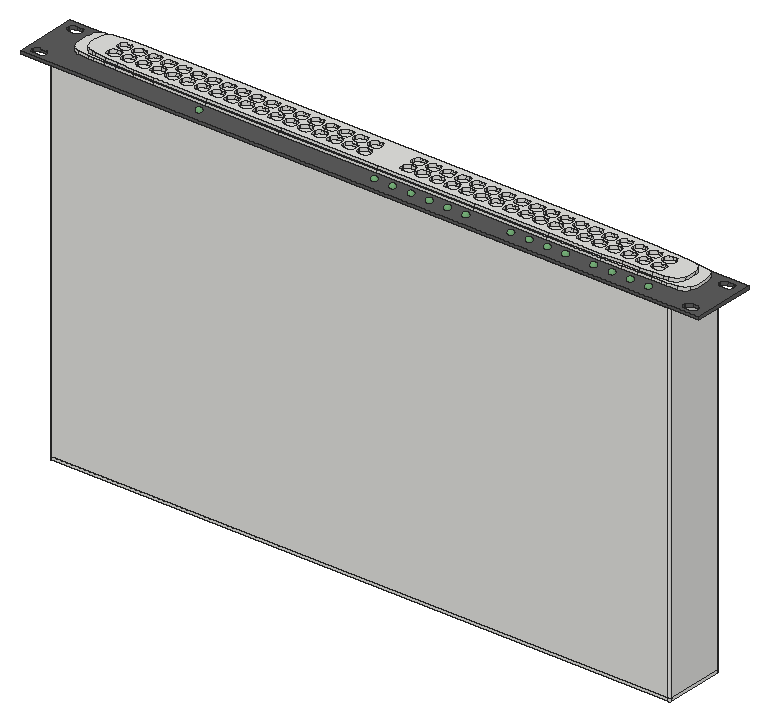
Revit family "Electronics_Expansion-Inputs_Biamp_Vocia_Input-Device_VI-6__", category Communication Devices, host Face, Revit 2020 (continued)
Definition of nested family "VI-6"
  Forms (in)
    Extrusion 14, solid, material <- "Material 1", detail levels medium+fine
      sketch origin (-0.00359, -0.15748, 0) x (1, 0, 0) y (0, 0, 1)
        loop
          arc (-5.95708, 0.81278) -> (-5.85831, 0.8537) -> (-5.81739, 0.95247) r 0.13968
          line (-5.81739, 0.95247) -> (-5.81739, 0.99345)
          arc (-5.81739, 0.99345) -> (-5.85649, 1.08784) -> (-5.95088, 1.12693) r 0.13348
          line (-5.95088, 1.12693) -> (-6.04199, 1.12693)
        loop
          arc (-5.62915, 1.12693) -> (-5.72354, 1.08784) -> (-5.76263, 0.99345) r 0.13348
          line (-5.76263, 0.99345) -> (-5.76263, 0.95247)
          arc (-5.76263, 0.95247) -> (-5.72172, 0.8537) -> (-5.62295, 0.81278) r 0.13968
          line (-5.62295, 0.81278) -> (-5.54424, 0.81278)
          arc (-5.54424, 0.81278) -> (-5.44547, 0.8537) -> (-5.40456, 0.95247) r 0.13968
          line (-5.40456, 0.95247) -> (-5.40456, 0.99345)
          arc (-5.40456, 0.99345) -> (-5.44365, 1.08784) -> (-5.53804, 1.12693) r 0.13348
          line (-5.53804, 1.12693) -> (-5.62915, 1.12693)
        loop
          arc (-5.21631, 1.12693) -> (-5.31069, 1.08784) -> (-5.34979, 0.99345) r 0.13348
          line (-5.34979, 0.99345) -> (-5.34979, 0.95247)
          arc (-5.34979, 0.95247) -> (-5.30888, 0.8537) -> (-5.21011, 0.81278) r 0.13968
          line (-5.21011, 0.81278) -> (-5.1314, 0.81278)
          arc (-5.1314, 0.81278) -> (-5.03263, 0.8537) -> (-4.99172, 0.95247) r 0.13968
          line (-4.99172, 0.95247) -> (-4.99172, 0.99345)
          arc (-4.99172, 0.99345) -> (-5.03081, 1.08784) -> (-5.1252, 1.12693) r 0.13348
          line (-5.1252, 1.12693) -> (-5.21631, 1.12693)
        loop
          arc (-4.8, 1.12693) -> (-4.89439, 1.08784) -> (-4.93348, 0.99345) r 0.13348
          line (-4.93348, 0.99345) -> (-4.93348, 0.95247)
          arc (-4.93348, 0.95247) -> (-4.89257, 0.8537) -> (-4.7938, 0.81278) r 0.13968
          line (-4.7938, 0.81278) -> (-4.71509, 0.81278)
          arc (-4.71509, 0.81278) -> (-4.61632, 0.8537) -> (-4.57541, 0.95247) r 0.13968
          line (-4.57541, 0.95247) -> (-4.57541, 0.99345)
          arc (-4.57541, 0.99345) -> (-4.61451, 1.08784) -> (-4.70889, 1.12693) r 0.13348
          line (-4.70889, 1.12693) -> (-4.8, 1.12693)
        loop
          arc (-4.38717, 1.12693) -> (-4.48155, 1.08784) -> (-4.52065, 0.99345) r 0.13348
          line (-4.52065, 0.99345) -> (-4.52065, 0.95247)
          arc (-4.52065, 0.95247) -> (-4.47973, 0.8537) -> (-4.38096, 0.81278) r 0.13968
          line (-4.38096, 0.81278) -> (-4.30226, 0.81278)
          arc (-4.30226, 0.81278) -> (-4.20349, 0.8537) -> (-4.16257, 0.95247) r 0.13968
          line (-4.16257, 0.95247) -> (-4.16257, 0.99345)
          arc (-4.16257, 0.99345) -> (-4.20167, 1.08784) -> (-4.29606, 1.12693) r 0.13348
          line (-4.29606, 1.12693) -> (-4.38717, 1.12693)
        loop
          arc (-3.9778, 1.12693) -> (-4.07218, 1.08784) -> (-4.11128, 0.99345) r 0.13348
          line (-4.11128, 0.99345) -> (-4.11128, 0.95247)
          arc (-4.11128, 0.95247) -> (-4.07036, 0.8537) -> (-3.97159, 0.81278) r 0.13968
          line (-3.97159, 0.81278) -> (-3.89289, 0.81278)
          arc (-3.89289, 0.81278) -> (-3.79412, 0.8537) -> (-3.7532, 0.95247) r 0.13968
          line (-3.7532, 0.95247) -> (-3.7532, 0.99345)
          arc (-3.7532, 0.99345) -> (-3.7923, 1.08784) -> (-3.88669, 1.12693) r 0.13348
          line (-3.88669, 1.12693) -> (-3.9778, 1.12693)
        loop
          arc (-3.56495, 1.12693) -> (-3.65934, 1.08784) -> (-3.69843, 0.99345) r 0.13348
          line (-3.69843, 0.99345) -> (-3.69843, 0.95247)
          arc (-3.69843, 0.95247) -> (-3.65752, 0.8537) -> (-3.55875, 0.81278) r 0.13968
          line (-3.55875, 0.81278) -> (-3.48005, 0.81278)
          arc (-3.48005, 0.81278) -> (-3.38127, 0.8537) -> (-3.34036, 0.95247) r 0.13968
          line (-3.34036, 0.95247) -> (-3.34036, 0.99345)
          arc (-3.34036, 0.99345) -> (-3.37946, 1.08784) -> (-3.47384, 1.12693) r 0.13348
          line (-3.47384, 1.12693) -> (-3.56495, 1.12693)
        loop
          arc (-3.14865, 1.12693) -> (-3.24303, 1.08784) -> (-3.28213, 0.99345) r 0.13348
          line (-3.28213, 0.99345) -> (-3.28213, 0.95247)
          arc (-3.28213, 0.95247) -> (-3.24121, 0.8537) -> (-3.14244, 0.81278) r 0.13968
          line (-3.14244, 0.81278) -> (-3.06374, 0.81278)
          arc (-3.06374, 0.81278) -> (-2.96497, 0.8537) -> (-2.92405, 0.95247) r 0.13968
          line (-2.92405, 0.95247) -> (-2.92405, 0.99345)
          arc (-2.92405, 0.99345) -> (-2.96315, 1.08784) -> (-3.05754, 1.12693) r 0.13348
          line (-3.05754, 1.12693) -> (-3.14865, 1.12693)
        loop
          arc (-2.73581, 1.12693) -> (-2.8302, 1.08784) -> (-2.86929, 0.99345) r 0.13348
          line (-2.86929, 0.99345) -> (-2.86929, 0.95247)
          arc (-2.86929, 0.95247) -> (-2.82838, 0.8537) -> (-2.72961, 0.81278) r 0.13968
          line (-2.72961, 0.81278) -> (-2.6509, 0.81278)
          arc (-2.6509, 0.81278) -> (-2.55213, 0.8537) -> (-2.51122, 0.95247) r 0.13968
          line (-2.51122, 0.95247) -> (-2.51122, 0.99345)
          arc (-2.51122, 0.99345) -> (-2.55032, 1.08784) -> (-2.6447, 1.12693) r 0.13348
          line (-2.6447, 1.12693) -> (-2.73581, 1.12693)
        loop
          arc (-2.32625, 1.12693) -> (-2.42063, 1.08784) -> (-2.45973, 0.99345) r 0.13348
          line (-2.45973, 0.99345) -> (-2.45973, 0.95247)
          arc (-2.45973, 0.95247) -> (-2.41882, 0.8537) -> (-2.32004, 0.81278) r 0.13968
          line (-2.32004, 0.81278) -> (-2.24134, 0.81278)
          arc (-2.24134, 0.81278) -> (-2.14257, 0.8537) -> (-2.10165, 0.95247) r 0.13968
          line (-2.10165, 0.95247) -> (-2.10165, 0.99345)
          arc (-2.10165, 0.99345) -> (-2.14075, 1.08784) -> (-2.23514, 1.12693) r 0.13348
          line (-2.23514, 1.12693) -> (-2.32625, 1.12693)
        loop
          arc (-1.9136, 1.12693) -> (-2.00798, 1.08784) -> (-2.04708, 0.99345) r 0.13348
          line (-2.04708, 0.99345) -> (-2.04708, 0.95247)
          arc (-2.04708, 0.95247) -> (-2.00617, 0.8537) -> (-1.9074, 0.81278) r 0.13968
          line (-1.9074, 0.81278) -> (-1.82869, 0.81278)
          arc (-1.82869, 0.81278) -> (-1.72992, 0.8537) -> (-1.68901, 0.95247) r 0.13968
          line (-1.68901, 0.95247) -> (-1.68901, 0.99345)
          arc (-1.68901, 0.99345) -> (-1.7281, 1.08784) -> (-1.82249, 1.12693) r 0.13348
          line (-1.82249, 1.12693) -> (-1.9136, 1.12693)
        loop
          arc (-1.49729, 1.12693) -> (-1.59168, 1.08784) -> (-1.63077, 0.99345) r 0.13348
          line (-1.63077, 0.99345) -> (-1.63077, 0.95247)
          arc (-1.63077, 0.95247) -> (-1.58986, 0.8537) -> (-1.49109, 0.81278) r 0.13968
          line (-1.49109, 0.81278) -> (-1.41238, 0.81278)
          arc (-1.41238, 0.81278) -> (-1.31361, 0.8537) -> (-1.2727, 0.95247) r 0.13968
          line (-1.2727, 0.95247) -> (-1.2727, 0.99345)
          arc (-1.2727, 0.99345) -> (-1.3118, 1.08784) -> (-1.40618, 1.12693) r 0.13348
          line (-1.40618, 1.12693) -> (-1.49729, 1.12693)
        loop
          arc (-1.08445, 1.12693) -> (-1.17883, 1.08784) -> (-1.21793, 0.99345) r 0.13348
          line (-1.21793, 0.99345) -> (-1.21793, 0.95247)
          arc (-1.21793, 0.95247) -> (-1.17702, 0.8537) -> (-1.07825, 0.81278) r 0.13968
          line (-1.07825, 0.81278) -> (-0.99954, 0.81278)
          arc (-0.99954, 0.81278) -> (-0.90077, 0.8537) -> (-0.85986, 0.95247) r 0.13968
          line (-0.85986, 0.95247) -> (-0.85986, 0.99345)
          arc (-0.85986, 0.99345) -> (-0.89895, 1.08784) -> (-0.99334, 1.12693) r 0.13348
          line (-0.99334, 1.12693) -> (-1.08445, 1.12693)
        loop
          arc (-0.66814, 1.12693) -> (-0.76253, 1.08784) -> (-0.80162, 0.99345) r 0.13348
          line (-0.80162, 0.99345) -> (-0.80162, 0.95247)
          arc (-0.80162, 0.95247) -> (-0.76071, 0.8537) -> (-0.66194, 0.81278) r 0.13968
          line (-0.66194, 0.81278) -> (-0.58323, 0.81278)
          arc (-0.58323, 0.81278) -> (-0.48446, 0.8537) -> (-0.44355, 0.95247) r 0.13968
          line (-0.44355, 0.95247) -> (-0.44355, 0.99345)
          arc (-0.44355, 0.99345) -> (-0.48265, 1.08784) -> (-0.57703, 1.12693) r 0.13348
          line (-0.57703, 1.12693) -> (-0.66814, 1.12693)
        loop
          arc (0.55186, 1.12693) -> (0.45748, 1.08784) -> (0.41838, 0.99345) r 0.13348
          line (0.41838, 0.99345) -> (0.41838, 0.95247)
          arc (0.41838, 0.95247) -> (0.45929, 0.8537) -> (0.55807, 0.81278) r 0.13968
          line (0.55807, 0.81278) -> (0.63677, 0.81278)
          arc (0.63677, 0.81278) -> (0.73554, 0.8537) -> (0.77646, 0.95247) r 0.13968
          line (0.77646, 0.95247) -> (0.77646, 0.99345)
          arc (0.77646, 0.99345) -> (0.73736, 1.08784) -> (0.64297, 1.12693) r 0.13348
          line (0.64297, 1.12693) -> (0.55186, 1.12693)
        loop
          arc (0.95712, 1.12693) -> (0.86273, 1.08784) -> (0.82363, 0.99345) r 0.13348
          line (0.82363, 0.99345) -> (0.82363, 0.95247)
          arc (0.82363, 0.95247) -> (0.86455, 0.8537) -> (0.96332, 0.81278) r 0.13968
          line (0.96332, 0.81278) -> (1.04202, 0.81278)
          arc (1.04202, 0.81278) -> (1.14079, 0.8537) -> (1.18171, 0.95247) r 0.13968
          line (1.18171, 0.95247) -> (1.18171, 0.99345)
          arc (1.18171, 0.99345) -> (1.14261, 1.08784) -> (1.04823, 1.12693) r 0.13348
          line (1.04823, 1.12693) -> (0.95712, 1.12693)
        loop
          arc (1.36975, 1.12693) -> (1.27537, 1.08784) -> (1.23627, 0.99345) r 0.13348
          line (1.23627, 0.99345) -> (1.23627, 0.95247)
          arc (1.23627, 0.95247) -> (1.27718, 0.8537) -> (1.37596, 0.81278) r 0.13968
          line (1.37596, 0.81278) -> (1.45466, 0.81278)
          arc (1.45466, 0.81278) -> (1.55343, 0.8537) -> (1.59434, 0.95247) r 0.13968
          line (1.59434, 0.95247) -> (1.59434, 0.99345)
          arc (1.59434, 0.99345) -> (1.55525, 1.08784) -> (1.46086, 1.12693) r 0.13348
          line (1.46086, 1.12693) -> (1.36975, 1.12693)
        loop
          arc (1.78593, 1.12693) -> (1.69154, 1.08784) -> (1.65245, 0.99345) r 0.13348
          line (1.65245, 0.99345) -> (1.65245, 0.95247)
          arc (1.65245, 0.95247) -> (1.69336, 0.8537) -> (1.79213, 0.81278) r 0.13968
          line (1.79213, 0.81278) -> (1.87083, 0.81278)
          arc (1.87083, 0.81278) -> (1.96961, 0.8537) -> (2.01052, 0.95247) r 0.13968
          line (2.01052, 0.95247) -> (2.01052, 0.99345)
          arc (2.01052, 0.99345) -> (1.97142, 1.08784) -> (1.87704, 1.12693) r 0.13348
          line (1.87704, 1.12693) -> (1.78593, 1.12693)
        loop
          arc (2.19819, 1.12693) -> (2.1038, 1.08784) -> (2.0647, 0.99345) r 0.13348
          line (2.0647, 0.99345) -> (2.0647, 0.95247)
          arc (2.0647, 0.95247) -> (2.10562, 0.8537) -> (2.20439, 0.81278) r 0.13968
          line (2.20439, 0.81278) -> (2.28309, 0.81278)
          arc (2.28309, 0.81278) -> (2.38187, 0.8537) -> (2.42278, 0.95247) r 0.13968
          line (2.42278, 0.95247) -> (2.42278, 0.99345)
          arc (2.42278, 0.99345) -> (2.38368, 1.08784) -> (2.2893, 1.12693) r 0.13348
          line (2.2893, 1.12693) -> (2.19819, 1.12693)
        loop
          arc (2.61102, 1.12693) -> (2.51664, 1.08784) -> (2.47754, 0.99345) r 0.13348
          line (2.47754, 0.99345) -> (2.47754, 0.95247)
          arc (2.47754, 0.95247) -> (2.51845, 0.8537) -> (2.61722, 0.81278) r 0.13968
          line (2.61722, 0.81278) -> (2.69593, 0.81278)
          arc (2.69593, 0.81278) -> (2.7947, 0.8537) -> (2.83561, 0.95247) r 0.13968
          line (2.83561, 0.95247) -> (2.83561, 0.99345)
          arc (2.83561, 0.99345) -> (2.79652, 1.08784) -> (2.70213, 1.12693) r 0.13348
          line (2.70213, 1.12693) -> (2.61102, 1.12693)
        loop
          arc (3.02386, 1.12693) -> (2.92948, 1.08784) -> (2.89038, 0.99345) r 0.13348
          line (2.89038, 0.99345) -> (2.89038, 0.95247)
          arc (2.89038, 0.95247) -> (2.93129, 0.8537) -> (3.03007, 0.81278) r 0.13968
          line (3.03007, 0.81278) -> (3.10877, 0.81278)
          arc (3.10877, 0.81278) -> (3.20754, 0.8537) -> (3.24846, 0.95247) r 0.13968
          line (3.24846, 0.95247) -> (3.24846, 0.99345)
          arc (3.24846, 0.99345) -> (3.20936, 1.08784) -> (3.11497, 1.12693) r 0.13348
          line (3.11497, 1.12693) -> (3.02386, 1.12693)
        loop
          arc (3.44017, 1.12693) -> (3.34579, 1.08784) -> (3.30669, 0.99345) r 0.13348
          line (3.30669, 0.99345) -> (3.30669, 0.95247)
          arc (3.30669, 0.95247) -> (3.3476, 0.8537) -> (3.44637, 0.81278) r 0.13968
          line (3.44637, 0.81278) -> (3.52508, 0.81278)
          arc (3.52508, 0.81278) -> (3.62385, 0.8537) -> (3.66476, 0.95247) r 0.13968
          line (3.66476, 0.95247) -> (3.66476, 0.99345)
          arc (3.66476, 0.99345) -> (3.62567, 1.08784) -> (3.53128, 1.12693) r 0.13348
          line (3.53128, 1.12693) -> (3.44017, 1.12693)
        loop
          arc (3.85301, 1.12693) -> (3.75862, 1.08784) -> (3.71952, 0.99345) r 0.13348
          line (3.71952, 0.99345) -> (3.71952, 0.95247)
          arc (3.71952, 0.95247) -> (3.76044, 0.8537) -> (3.85921, 0.81278) r 0.13968
          line (3.85921, 0.81278) -> (3.93791, 0.81278)
          arc (3.93791, 0.81278) -> (4.03669, 0.8537) -> (4.0776, 0.95247) r 0.13968
          line (4.0776, 0.95247) -> (4.0776, 0.99345)
          arc (4.0776, 0.99345) -> (4.0385, 1.08784) -> (3.94412, 1.12693) r 0.13348
          line (3.94412, 1.12693) -> (3.85301, 1.12693)
        loop
          arc (4.26238, 1.12693) -> (4.16799, 1.08784) -> (4.12889, 0.99345) r 0.13348
          line (4.12889, 0.99345) -> (4.12889, 0.95247)
          arc (4.12889, 0.95247) -> (4.16981, 0.8537) -> (4.26858, 0.81278) r 0.13968
          line (4.26858, 0.81278) -> (4.34728, 0.81278)
          arc (4.34728, 0.81278) -> (4.44606, 0.8537) -> (4.48697, 0.95247) r 0.13968
          line (4.48697, 0.95247) -> (4.48697, 0.99345)
          arc (4.48697, 0.99345) -> (4.44787, 1.08784) -> (4.35349, 1.12693) r 0.13348
          line (4.35349, 1.12693) -> (4.26238, 1.12693)
        loop
          arc (4.67522, 1.12693) -> (4.58083, 1.08784) -> (4.54174, 0.99345) r 0.13348
          line (4.54174, 0.99345) -> (4.54174, 0.95247)
          arc (4.54174, 0.95247) -> (4.58265, 0.8537) -> (4.68142, 0.81278) r 0.13968
          line (4.68142, 0.81278) -> (4.76013, 0.81278)
          arc (4.76013, 0.81278) -> (4.8589, 0.8537) -> (4.89981, 0.95247) r 0.13968
          line (4.89981, 0.95247) -> (4.89981, 0.99345)
          arc (4.89981, 0.99345) -> (4.86071, 1.08784) -> (4.76633, 1.12693) r 0.13348
          line (4.76633, 1.12693) -> (4.67522, 1.12693)
        loop
          arc (5.09153, 1.12693) -> (4.99714, 1.08784) -> (4.95804, 0.99345) r 0.13348
          line (4.95804, 0.99345) -> (4.95804, 0.95247)
          arc (4.95804, 0.95247) -> (4.99896, 0.8537) -> (5.09773, 0.81278) r 0.13968
          line (5.09773, 0.81278) -> (5.17643, 0.81278)
          arc (5.17643, 0.81278) -> (5.2752, 0.8537) -> (5.31612, 0.95247) r 0.13968
          line (5.31612, 0.95247) -> (5.31612, 0.99345)
          arc (5.31612, 0.99345) -> (5.27702, 1.08784) -> (5.18264, 1.12693) r 0.13348
          line (5.18264, 1.12693) -> (5.09153, 1.12693)
        loop
          arc (5.50436, 1.12693) -> (5.40998, 1.08784) -> (5.37088, 0.99345) r 0.13348
          line (5.37088, 0.99345) -> (5.37088, 0.95247)
          arc (5.37088, 0.95247) -> (5.41179, 0.8537) -> (5.51056, 0.81278) r 0.13968
          line (5.51056, 0.81278) -> (5.58927, 0.81278)
          arc (5.58927, 0.81278) -> (5.68804, 0.8537) -> (5.72895, 0.95247) r 0.13968
          line (5.72895, 0.95247) -> (5.72895, 0.99345)
          arc (5.72895, 0.99345) -> (5.68986, 1.08784) -> (5.59547, 1.12693) r 0.13348
          line (5.59547, 1.12693) -> (5.50436, 1.12693)
        loop
          arc (5.91393, 1.12693) -> (5.81954, 1.08784) -> (5.78044, 0.99345) r 0.13348
          line (5.78044, 0.99345) -> (5.78044, 0.95247)
          arc (5.78044, 0.95247) -> (5.82136, 0.8537) -> (5.92013, 0.81278) r 0.13968
          line (5.92013, 0.81278) -> (5.99883, 0.81278)
          arc (5.99883, 0.81278) -> (6.0976, 0.8537) -> (6.13852, 0.95247) r 0.13968
          line (6.13852, 0.95247) -> (6.13852, 0.99345)
          arc (6.13852, 0.99345) -> (6.09942, 1.08784) -> (6.00504, 1.12693) r 0.13348
          line (6.00504, 1.12693) -> (5.91393, 1.12693)
        loop
          arc (6.32657, 1.12693) -> (6.23219, 1.08784) -> (6.19309, 0.99345) r 0.13348
          line (6.19309, 0.99345) -> (6.19309, 0.95247)
          arc (6.19309, 0.95247) -> (6.234, 0.8537) -> (6.33278, 0.81278) r 0.13968
          line (6.33278, 0.81278) -> (6.41148, 0.81278)
          arc (6.41148, 0.81278) -> (6.51025, 0.8537) -> (6.55116, 0.95247) r 0.13968
          line (6.55116, 0.95247) -> (6.55116, 0.99345)
          arc (6.55116, 0.99345) -> (6.51207, 1.08784) -> (6.41768, 1.12693) r 0.13348
          line (6.41768, 1.12693) -> (6.32657, 1.12693)
        loop
          arc (6.74288, 1.12693) -> (6.64849, 1.08784) -> (6.6094, 0.99345) r 0.13348
          line (6.6094, 0.99345) -> (6.6094, 0.95247)
          arc (6.6094, 0.95247) -> (6.65031, 0.8537) -> (6.74908, 0.81278) r 0.13968
          line (6.74908, 0.81278) -> (6.82779, 0.81278)
          arc (6.82779, 0.81278) -> (6.92656, 0.8537) -> (6.96747, 0.95247) r 0.13968
          line (6.96747, 0.95247) -> (6.96747, 0.99345)
          arc (6.96747, 0.99345) -> (6.92838, 1.08784) -> (6.83399, 1.12693) r 0.13348
          line (6.83399, 1.12693) -> (6.74288, 1.12693)
        loop
          arc (7.15572, 1.12693) -> (7.06134, 1.08784) -> (7.02224, 0.99345) r 0.13348
          line (7.02224, 0.99345) -> (7.02224, 0.95247)
          arc (7.02224, 0.95247) -> (7.06315, 0.8537) -> (7.16193, 0.81278) r 0.13968
          line (7.16193, 0.81278) -> (7.24063, 0.81278)
          arc (7.24063, 0.81278) -> (7.3394, 0.8537) -> (7.38031, 0.95247) r 0.13968
          line (7.38031, 0.95247) -> (7.38031, 0.99345)
          arc (7.38031, 0.99345) -> (7.34122, 1.08784) -> (7.24683, 1.12693) r 0.13348
          line (7.24683, 1.12693) -> (7.15572, 1.12693)
        loop
          arc (7.57203, 1.12693) -> (7.47764, 1.08784) -> (7.43855, 0.99345) r 0.13348
          line (7.43855, 0.99345) -> (7.43855, 0.95247)
          arc (7.43855, 0.95247) -> (7.47946, 0.8537) -> (7.57823, 0.81278) r 0.13968
          line (7.57823, 0.81278) -> (7.65694, 0.81278)
          arc (7.65694, 0.81278) -> (7.75571, 0.8537) -> (7.79662, 0.95247) r 0.13968
          line (7.79662, 0.95247) -> (7.79662, 0.99345)
          arc (7.79662, 0.99345) -> (7.75753, 1.08784) -> (7.66314, 1.12693) r 0.13348
          line (7.66314, 1.12693) -> (7.57203, 1.12693)
      from 4.92126 to 5
  Cuts and joins
    Extrusion 3, Extrusion 6 cuts Extrusion 2
    Extrusion 6 cuts Extrusion 4
    Extrusion 6 cuts Extrusion 7
    Extrusion 11 cuts Extrusion 10
  Lines and regions (in)
    Masking region 1, detail levels coarse+medium
      outline origin (0, 0, 0.39953) x (-1, 0, 0) y (0, -1, 0)
        loop
          line (9.50787, 4.92126) -> (9.50787, 5) -> (-9.50787, 5) -> (-9.50787, 4.92126) -> (-8.69968, 4.92126) -> (-8.69968, -4.96063) -> (8.69887, -4.96063) -> (8.69887, 4.92126) -> (9.50787, 4.92126)
    Masking region 2, detail levels fine
      outline origin (0, 0, 0.39953) x (-1, 0, 0) y (0, -1, 0)
        loop
          line (9.50787, 4.92126) -> (9.50787, 5) -> (2.61353, 5) -> (-9.50787, 5) -> (-9.50787, 4.92126) -> (-8.69968, 4.92126) -> (-8.69968, -4.96063) -> (8.69887, -4.96063) -> (8.69887, 4.92126) -> (9.50787, 4.92126)
    Masking region 3, detail levels medium+fine
      outline origin (0, 0, 0.39953) x (-1, 0, 0) y (0, -1, 0)
        loop
          line (8.6989, 5) -> (8.6989, 5.07874) -> (8.37877, 5.07874) -> (8.37877, 5.15748) -> (-8.3716, 5.15748) -> (-8.3716, 5.07874) -> (-8.69172, 5.07874) -> (-8.69172, 5) -> (8.6989, 5)
    symbolic lines, detail levels medium
      curve 1: line (9.50787, -5, 0.39953) -> (9.50787, -4.96063, 0.39953)
    symbolic lines, detail levels fine
      curve 2: line (-9.50787, -4.92126, 0.39953) -> (-9.50787, -4.96063, 0.39953)
      curve 3: line (9.50787, -4.92126, 0.39953) -> (9.50787, -4.96063, 0.39953)
    symbolic lines
      curve 4: line (-8.69887, -4.92126, 0.39953) -> (8.69968, -4.92126, 0.39953)
    symbolic lines, detail levels medium+fine
      curve 5: line (-8.37877, -5.07874, 0.39953) -> (8.3716, -5.07874, 0.39953)
  Dimensions and locks (in)
    equal spacing: plane 6 "1", plane 1 "Center (Front/Back)", plane 7
    equal spacing: plane 4, plane 3 "Center (Left/Right)", plane 5
    "Width": plane 4 to plane 5
    "Depth": plane 6 "1" to plane 9
    locked: plane 8 to plane 7 at 0.03937
    locked: plane 9 to plane 7 at 0.03937
    locked: plane 6 "1" to plane 10 at 0.07874
    plane 12 to level = 0' - 0"
    "Height": plane 11 to plane 12
    locked: plane 15 "12" to plane 12 at 0.39953
    plane 9 to plane 8 = 0' - 0.07874"
    aligned and locked: plane 2 to Extrusion 1
    aligned and locked: level to Extrusion 1
    aligned and locked: plane 5 to Extrusion 2 sketch curve
    aligned and locked: Extrusion 2 sketch curve to plane 8
    aligned and locked: plane 4 to Extrusion 2 sketch curve
    aligned and locked: plane 12 to Extrusion 2
    aligned and locked: plane 11 to Extrusion 2
    aligned and locked: plane 8 to cut or joined group of Extrusion 2, Extrusion 3, Extrusion 6
    aligned and locked: Extrusion 4 sketch curve to plane 5
    aligned and locked: Extrusion 4 sketch curve to plane 4
    aligned and locked: plane 12 to Extrusion 4
    aligned and locked: plane 11 to Extrusion 4
    aligned and locked: plane 6 "1" to Extrusion 5 sketch curve
    aligned and locked: plane 12 to Extrusion 5
    aligned and locked: plane 11 to Extrusion 5
    aligned and locked: Extrusion 7 to plane 10
    aligned and locked: plane 6 "1" to Extrusion 7
    aligned and locked: Extrusion 6 to plane 10
    aligned and locked: plane 6 "1" to Extrusion 6
    aligned and locked: Extrusion 8 to plane 8
    aligned and locked: plane 10 to Extrusion 8
    aligned and locked: plane 12 to cut or joined group of Extrusion 6, Extrusion 7
    aligned and locked: plane 12 to Extrusion 9
    aligned and locked: plane 12 to Extrusion 8
  Automatic sketch dimensions
    Extrusion 1 sketch curve to Extrusion 1 sketch curve = 8' - 0"  (x2)
    plane 4 to Extrusion 3 sketch curve = 0' - 0.16752"  (x2)
    Extrusion 3 sketch curve to Extrusion 3 sketch curve = 0' - 0.13268"  (x4)
    Extrusion 3 sketch curve to plane 11 = 0' - 0.13428"
    Extrusion 3 sketch curve to Extrusion 3 sketch curve = 0' - 0"  (x8)
    Extrusion 3 sketch curve to Extrusion 3 sketch curve = 0' - 0.13712"  (x4)
    Extrusion 3 sketch curve to Extrusion 3 sketch curve = 0' - 0.13276"  (x4)
    Extrusion 3 sketch curve to plane 13 = 0' - 0.22099"  (x2)
    Extrusion 3 sketch curve to plane 11 = 0' - 0.25163"  (x2)
    Extrusion 3 sketch curve to Extrusion 3 sketch curve = 0' - 0.11735"  (x2)
    Extrusion 3 sketch curve to Extrusion 3 sketch curve = 0' - 0.01608"
    Extrusion 3 sketch curve to Extrusion 3 sketch curve = 0' - 0.00035"  (x3)
    Extrusion 3 sketch curve to Extrusion 3 sketch curve = 0' - 0.00017"  (x4)
    Extrusion 3 sketch curve to Extrusion 3 sketch curve = 0' - 0.01616"
    Extrusion 3 sketch curve to Extrusion 3 sketch curve = 0' - 0.03098"  (x4)
    Extrusion 3 sketch curve to plane 15 "12" = 0' - 0.04568"  (x2)
    Extrusion 3 sketch curve to plane 15 "12" = 0' - 0.16302"  (x4)
    plane 13 to Extrusion 7 sketch curve = 0' - 0"
    Extrusion 7 sketch curve to plane 11 = 0' - 0"
    Extrusion 7 sketch curve to level = 0' - 0"
    plane 14 to Extrusion 7 sketch curve = 0' - 0"
    Extrusion 7 sketch curve to plane 11 = 0' - 0.06693"
    Extrusion 7 sketch curve to Extrusion 7 sketch curve = 0' - 0.06693"
    Extrusion 7 sketch curve to plane 14 = 0' - 0.06693"  (x2)
    plane 14 to Extrusion 8 sketch curve = 0' - 0"
    Extrusion 8 sketch curve to plane 11 = 0' - 0"
    Extrusion 8 sketch curve to level = 0' - 0"
    plane 13 to Extrusion 8 sketch curve = 0' - 0"
    Extrusion 8 sketch curve to plane 11 = 0' - 0.06693"
    Extrusion 8 sketch curve to Extrusion 8 sketch curve = 0' - 0.06693"  (x2)
    plane 13 to Extrusion 8 sketch curve = 0' - 0.06693"
    Extrusion 9 sketch curve to plane 11 = 0' - 0"
    Extrusion 9 sketch curve to level = 0' - 0"
    plane 13 to Extrusion 9 sketch curve = 0' - 0"
    plane 13 to Extrusion 9 sketch curve = 0' - 0.06693"
    Extrusion 9 sketch curve to plane 11 = 0' - 0.06852"
    Extrusion 9 sketch curve to plane 14 = 0' - 0.06693"  (x2)
    plane 14 to Extrusion 9 sketch curve = 0' - 0"
    plane 13 to Extrusion 10 sketch curve = 0' - 0"
    Extrusion 10 sketch curve to plane 11 = 0' - 0"
    Extrusion 10 sketch curve to level = 0' - 0"
    plane 14 to Extrusion 10 sketch curve = 0' - 0"
    Extrusion 10 sketch curve to Extrusion 10 sketch curve = 0' - 0.06693"
    level to Extrusion 10 sketch curve = 0' - 0.06693"
    Extrusion 10 sketch curve to plane 14 = 0' - 0.06693"  (x2)
    plane 13 to Extrusion 11 sketch curve = 0' - 0.58105"
    plane 15 "12" to Extrusion 11 sketch curve = 0' - 0.25637"  (x2)
    Extrusion 11 sketch curve to Extrusion 11 sketch curve = 0' - 2.10256"
    Extrusion 11 sketch curve to Extrusion 11 sketch curve = 0' - 0.39859"
    Extrusion 11 sketch curve to Extrusion 11 sketch curve = 0' - 0.012"
    Extrusion 11 sketch curve to Extrusion 11 sketch curve = 0' - 0.39763"
    Extrusion 11 sketch curve to Extrusion 11 sketch curve = 0' - 0.56933"
    Extrusion 11 sketch curve to Extrusion 11 sketch curve = 0' - 0.5315"  (x2)
    Extrusion 11 sketch curve to Extrusion 11 sketch curve = 0' - 0.09842"
    plane 15 "12" to Extrusion 11 sketch curve = 0' - 0.03824"  (x2)
    Extrusion 11 sketch curve to plane 11 = 0' - 0.43739"
    Extrusion 11 sketch curve to Extrusion 11 sketch curve = 0' - 1.39021"
    plane 15 "12" to Extrusion 11 sketch curve = 0' - 0.11049"  (x2)
    Extrusion 11 sketch curve to Extrusion 11 sketch curve = 0' - 0.00856"
    Extrusion 11 sketch curve to Extrusion 11 sketch curve = 0' - 0.46908"
    Extrusion 11 sketch curve to Extrusion 11 sketch curve = 0' - 0.12236"
    Extrusion 11 sketch curve to Extrusion 11 sketch curve = 0' - 0 1/8"  (x4)
    Extrusion 11 sketch curve to Extrusion 11 sketch curve = 0' - 0.6"  (x3)
    plane 15 "12" to Extrusion 11 sketch curve = 0' - 0.16777"  (x3)
    plane 3 "Center (Left/Right)" to Extrusion 11 sketch curve = 0' - 0.3489"
    plane 3 "Center (Left/Right)" to Extrusion 11 sketch curve = 0' - 0.31191"
    Extrusion 11 sketch curve to plane 3 "Center (Left/Right)" = 0' - 0.04874"
    Extrusion 11 sketch curve to Extrusion 11 sketch curve = 0' - 0.01575"
    Extrusion 11 sketch curve to plane 3 "Center (Left/Right)" = 0' - 0.28809"
    Extrusion 11 sketch curve to plane 15 "12" = 0' - 0.08223"  (x3)
    Extrusion 11 sketch curve to Extrusion 11 sketch curve = 0' - 0.39764"
    Extrusion 11 sketch curve to Extrusion 11 sketch curve = 0' - 0.07097"
    Extrusion 11 sketch curve to Extrusion 11 sketch curve = 0' - 0.39897"
    Extrusion 11 sketch curve to Extrusion 11 sketch curve = 0' - 0.01199"
    Extrusion 11 sketch curve to Extrusion 11 sketch curve = 0' - 0.06902"
    Extrusion 11 sketch curve to Extrusion 11 sketch curve = 0' - 0.40007"
    Extrusion 11 sketch curve to Extrusion 11 sketch curve = 0' - 0.50624"
    plane 15 "12" to Extrusion 11 sketch curve = 0' - 0.25436"  (x3)
    Extrusion 11 sketch curve to Extrusion 11 sketch curve = 0' - 0.42976"
    Extrusion 11 sketch curve to Extrusion 11 sketch curve = 0' - 0.44973"
    Extrusion 11 sketch curve to Extrusion 11 sketch curve = 0' - 0.59999"
    Extrusion 11 sketch curve to plane 15 "12" = 0' - 0.08422"  (x3)
    Extrusion 11 sketch curve to Extrusion 11 sketch curve = 0' - 0.45505"
    Extrusion 11 sketch curve to Extrusion 11 sketch curve = 0' - 0.14497"
    Extrusion 11 sketch curve to Extrusion 11 sketch curve = 0' - 0.27504"
    Extrusion 11 sketch curve to Extrusion 11 sketch curve = 0' - 1.20001"
    Extrusion 11 sketch curve to Extrusion 11 sketch curve = 0' - 0.41998"
    Extrusion 11 sketch curve to plane 14 = 0' - 0.65375"
    Extrusion 11 sketch curve to plane 15 "12" = 0' - 0.09623"  (x2)
    Extrusion 11 sketch curve to Extrusion 11 sketch curve = 0' - 0"  (x8)
    Extrusion 11 sketch curve to Extrusion 11 sketch curve = 0' - 0.3937"
    plane 15 "12" to Extrusion 11 sketch curve = 0' - 0.48294"
    Extrusion 11 sketch curve to Extrusion 11 sketch curve = 0' - 0.30042"  (x2)
    Extrusion 11 sketch curve to Extrusion 11 sketch curve = 0' - 0.389"  (x2)
    Extrusion 11 sketch curve to Extrusion 11 sketch curve = 0' - 0.3386"  (x4)
    Extrusion 11 sketch curve to Extrusion 11 sketch curve = 0' - 0.00199"
    Extrusion 11 sketch curve to Extrusion 11 sketch curve = 0' - 0.33858"
    Extrusion 5 sketch curve to plane 13 = 0' - 0"
    Extrusion 5 sketch curve to plane 14 = 0' - 0"
    Extrusion 5 sketch curve to plane 8 = 0' - 0"
    Extrusion 13 sketch curve to plane 11 = 0' - 0.0737"  (x2)
    Extrusion 13 sketch curve to plane 14 = 0' - 0.29558"  (x2)
    Extrusion 13 sketch curve to Extrusion 13 sketch curve = 0' - 0.0212"  (x3)
    Extrusion 13 sketch curve to plane 11 = 0' - 0.05246"  (x2)
    Extrusion 13 sketch curve to Extrusion 13 sketch curve = 0' - 0.30113"
    plane 15 "12" to Extrusion 13 sketch curve = 0' - 0.24694"
    Extrusion 13 sketch curve to Extrusion 13 sketch curve = 0' - 0.30252"
    plane 15 "12" to Extrusion 13 sketch curve = 0' - 0.23957"  (x2)
    Extrusion 13 sketch curve to Extrusion 13 sketch curve = 0' - 0.13516"
    Extrusion 13 sketch curve to plane 11 = 0' - 0.045"  (x2)
    Extrusion 13 sketch curve to Extrusion 13 sketch curve = 0' - 0.13655"  (x2)
    plane 15 "12" to Extrusion 13 sketch curve = 0' - 0.22947"  (x2)
    Extrusion 13 sketch curve to Extrusion 13 sketch curve = 0' - 0.28256"  (x3)
    Extrusion 13 sketch curve to plane 11 = 0' - 0.03491"  (x2)
    plane 15 "12" to Extrusion 13 sketch curve = 0' - 0.22083"  (x2)
    Extrusion 13 sketch curve to Extrusion 13 sketch curve = 0' - 0.36514"  (x4)
    Extrusion 13 sketch curve to plane 11 = 0' - 0.02625"  (x2)
    Extrusion 13 sketch curve to plane 11 = 0' - 0.01904"  (x2)
    Extrusion 13 sketch curve to Extrusion 13 sketch curve = 0' - 0.46078"  (x3)
    plane 15 "12" to Extrusion 13 sketch curve = 0' - 0.21362"  (x2)
    Extrusion 13 sketch curve to plane 11 = 0' - 0.01327"  (x2)
    Extrusion 13 sketch curve to Extrusion 13 sketch curve = 0' - 0.56798"  (x3)
    plane 15 "12" to Extrusion 13 sketch curve = 0' - 0.20787"  (x2)
    plane 15 "12" to Extrusion 13 sketch curve = 0' - 0 51/256"  (x2)
    Extrusion 13 sketch curve to Extrusion 13 sketch curve = 0' - 1.4997"
    Extrusion 13 sketch curve to plane 11 = 0' - 0.00463"  (x2)
    Extrusion 13 sketch curve to Extrusion 13 sketch curve = 0' - 0"  (x2)
    plane 11 to Extrusion 13 sketch curve = 0' - 0.00113"
    Extrusion 13 sketch curve to Extrusion 13 sketch curve = 0' - 2.06333"  (x2)
    plane 15 "12" to Extrusion 13 sketch curve = 0' - 0.19344"  (x2)
    Extrusion 13 sketch curve to plane 3 "Center (Left/Right)" = 0' - 0.00359"
    Extrusion 13 sketch curve to plane 3 "Center (Left/Right)" = 0' - 0.00352"
    plane 3 "Center (Left/Right)" to Extrusion 13 sketch curve = 0' - 2.71765"
    Extrusion 13 sketch curve to Extrusion 13 sketch curve = 0' - 0.0013"  (x2)
    Extrusion 13 sketch curve to Extrusion 13 sketch curve = 0' - 1.49968"
    Extrusion 13 sketch curve to Extrusion 13 sketch curve = 0' - 0.00132"
    Extrusion 13 sketch curve to Extrusion 13 sketch curve = 0' - 0.56801"
    Extrusion 13 sketch curve to Extrusion 13 sketch curve = 0' - 0.46076"
    Extrusion 13 sketch curve to Extrusion 13 sketch curve = 0' - 0.28258"
    plane 15 "12" to Extrusion 13 sketch curve = 0' - 0.24725"
    Extrusion 13 sketch curve to Extrusion 13 sketch curve = 0' - 0.14085"
    plane 13 to Extrusion 13 sketch curve = 0' - 0.32477"  (x2)
    Extrusion 13 sketch curve to Extrusion 13 sketch curve = 0' - 0.29811"
    plane 15 "12" to Extrusion 13 sketch curve = 0' - 0.192"
    plane 15 "12" to Extrusion 13 sketch curve = 0' - 0.26828"  (x2)
    Extrusion 13 sketch curve to Extrusion 13 sketch curve = 0' - 0.30051"  (x4)
    Extrusion 13 sketch curve to Extrusion 13 sketch curve = 0' - 0.03916"  (x2)
    Extrusion 13 sketch curve to plane 14 = 0' - 0.05893"
    Extrusion 13 sketch curve to plane 14 = 0' - 0.05451"
    plane 13 to Extrusion 13 sketch curve = 0' - 0.06691"
    plane 13 to Extrusion 13 sketch curve = 0' - 0 1/16"
    Extrusion 13 sketch curve to Extrusion 13 sketch curve = 0' - 0.19267"  (x2)
    Extrusion 14 sketch curve to plane 11 = 0' - 0.13708"  (x2)
    Extrusion 14 sketch curve to plane 14 = 0' - 0.58309"
    Extrusion 14 sketch curve to plane 14 = 0' - 0.61547"
    Extrusion 14 sketch curve to Extrusion 14 sketch curve = 0' - 0.04233"
    Extrusion 14 sketch curve to Extrusion 14 sketch curve = 0' - 0.01125"  (x2)
    plane 15 "12" to Extrusion 14 sketch curve = 0' - 0.32725"  (x2)
    Extrusion 14 sketch curve to Extrusion 14 sketch curve = 0' - 0.12093"  (x2)
    Extrusion 14 sketch curve to plane 11 = 0' - 0.11083"  (x2)
    Extrusion 14 sketch curve to Extrusion 14 sketch curve = 0' - 0.18526"  (x2)
    Extrusion 14 sketch curve to Extrusion 14 sketch curve = 0' - 0.23683"
    Extrusion 14 sketch curve to Extrusion 14 sketch curve = 0' - 0.24808"
    Extrusion 14 sketch curve to Extrusion 14 sketch curve = 0' - 0.13348"  (x143)
    Extrusion 14 sketch curve to Extrusion 14 sketch curve = 0' - 0.0062"  (x121)
    Extrusion 14 sketch curve to plane 11 = 0' - 0.09732"
    Extrusion 14 sketch curve to Extrusion 14 sketch curve = 0' - 0.00885"
    plane 15 "12" to Extrusion 14 sketch curve = 0' - 0.30019"
    Extrusion 14 sketch curve to Extrusion 14 sketch curve = 0' - 0.00322"
    Extrusion 14 sketch curve to Extrusion 14 sketch curve = 0' - 0.0787"  (x72)
    Extrusion 14 sketch curve to Extrusion 14 sketch curve = 0' - 0.09111"  (x22)
    Extrusion 14 sketch curve to Extrusion 14 sketch curve = 0' - 0.04718"  (x4)
    Extrusion 14 sketch curve to plane 11 = 0' - 0.08187"
    Extrusion 14 sketch curve to Extrusion 14 sketch curve = 0' - 0.10222"
    plane 15 "12" to Extrusion 14 sketch curve = 0' - 0.28745"
    Extrusion 14 sketch curve to Extrusion 14 sketch curve = 0' - 0.10253"
    Extrusion 14 sketch curve to Extrusion 14 sketch curve = 0' - 0.05456"  (x4)
    plane 15 "12" to Extrusion 14 sketch curve = 0' - 0.27786"
    Extrusion 14 sketch curve to Extrusion 14 sketch curve = 0' - 0.01085"
    Extrusion 14 sketch curve to plane 11 = 0' - 0.06654"
    Extrusion 14 sketch curve to Extrusion 14 sketch curve = 0' - 0.02669"
    Extrusion 14 sketch curve to Extrusion 14 sketch curve = 0' - 0.0581"  (x4)
    Extrusion 14 sketch curve to plane 11 = 0' - 0.05995"
    Extrusion 14 sketch curve to Extrusion 14 sketch curve = 0' - 0.07757"
    plane 15 "12" to Extrusion 14 sketch curve = 0' - 0.26795"
    Extrusion 14 sketch curve to Extrusion 14 sketch curve = 0' - 0.08385"
    Extrusion 14 sketch curve to Extrusion 14 sketch curve = 0' - 0.05419"  (x4)
    Extrusion 14 sketch curve to Extrusion 14 sketch curve = 0' - 0.05476"  (x12)
    Extrusion 14 sketch curve to Extrusion 14 sketch curve = 0' - 0.05477"  (x12)
    Extrusion 14 sketch curve to Extrusion 14 sketch curve = 0' - 0.05823"  (x16)
    Extrusion 14 sketch curve to plane 11 = 0' - 0.04231"  (x2)
    Extrusion 14 sketch curve to Extrusion 14 sketch curve = 0' - 0.01413"
    plane 15 "12" to Extrusion 14 sketch curve = 0' - 0.24574"  (x2)
    Extrusion 14 sketch curve to Extrusion 14 sketch curve = 0' - 0.00793"
    Extrusion 14 sketch curve to Extrusion 14 sketch curve = 0' - 0.0513"  (x4)
    Extrusion 14 sketch curve to plane 11 = 0' - 0.03655"
    Extrusion 14 sketch curve to Extrusion 14 sketch curve = 0' - 0.01327"
    plane 15 "12" to Extrusion 14 sketch curve = 0' - 0.23996"  (x2)
    Extrusion 14 sketch curve to Extrusion 14 sketch curve = 0' - 0.00707"
    Extrusion 14 sketch curve to Extrusion 14 sketch curve = 0' - 0.05149"  (x4)
    Extrusion 14 sketch curve to Extrusion 14 sketch curve = 0' - 0.05457"  (x4)
    Extrusion 14 sketch curve to plane 3 "Center (Left/Right)" = 0' - 0.00359"
    Extrusion 14 sketch curve to plane 3 "Center (Left/Right)" = 0' - 0.00352"
    plane 3 "Center (Left/Right)" to Extrusion 14 sketch curve = 0' - 0.41479"
    Extrusion 14 sketch curve to Extrusion 14 sketch curve = 0' - 0"
    Extrusion 14 sketch curve to Extrusion 14 sketch curve = 0' - 0.02531"
    Extrusion 14 sketch curve to Extrusion 14 sketch curve = 0' - 0.02041"
    Extrusion 14 sketch curve to Extrusion 14 sketch curve = 0' - 0.02444"
    Extrusion 14 sketch curve to Extrusion 14 sketch curve = 0' - 0 5/256"
    plane 15 "12" to Extrusion 14 sketch curve = 0' - 0.26636"
    Extrusion 14 sketch curve to Extrusion 14 sketch curve = 0' - 0.07919"
    Extrusion 14 sketch curve to plane 11 = 0' - 0.05095"
    Extrusion 14 sketch curve to Extrusion 14 sketch curve = 0' - 0.09248"
    Extrusion 14 sketch curve to Extrusion 14 sketch curve = 0' - 0.04101"
    Extrusion 14 sketch curve to Extrusion 14 sketch curve = 0' - 0.0605"
    plane 15 "12" to Extrusion 14 sketch curve = 0' - 0.27337"
    Extrusion 14 sketch curve to Extrusion 14 sketch curve = 0' - 0.01124"
    Extrusion 14 sketch curve to plane 11 = 0' - 0.0651"
    Extrusion 14 sketch curve to Extrusion 14 sketch curve = 0' - 0.01912"
    plane 15 "12" to Extrusion 14 sketch curve = 0' - 0.28513"
    Extrusion 14 sketch curve to Extrusion 14 sketch curve = 0' - 0.07229"
    Extrusion 14 sketch curve to plane 11 = 0' - 0.08096"
    Extrusion 14 sketch curve to Extrusion 14 sketch curve = 0' - 0.07343"
    plane 15 "12" to Extrusion 14 sketch curve = 0' - 0.29989"
    Extrusion 14 sketch curve to Extrusion 14 sketch curve = 0' - 0.01411"
    Extrusion 14 sketch curve to plane 11 = 0' - 0.09349"
    Extrusion 14 sketch curve to Extrusion 14 sketch curve = 0' - 0.01583"
    Extrusion 14 sketch curve to Extrusion 14 sketch curve = 0' - 0.24797"
    Extrusion 14 sketch curve to Extrusion 14 sketch curve = 0' - 0.16227"
    Extrusion 14 sketch curve to Extrusion 14 sketch curve = 0' - 0.262"
    plane 15 "12" to Extrusion 14 sketch curve = 0' - 0.23852"
    Extrusion 14 sketch curve to Extrusion 14 sketch curve = 0' - 0.01485"  (x2)
    plane 15 "12" to Extrusion 14 sketch curve = 0' - 0.41326"  (x4)
    Extrusion 14 sketch curve to Extrusion 14 sketch curve = 0' - 0.14531"  (x2)
    Extrusion 14 sketch curve to Extrusion 14 sketch curve = 0' - 0.12813"
    Extrusion 14 sketch curve to Extrusion 14 sketch curve = 0' - 0.13968"  (x19)
    Extrusion 14 sketch curve to Extrusion 14 sketch curve = 0' - 0.11337"
    Extrusion 14 sketch curve to Extrusion 14 sketch curve = 0' - 0.1733"  (x2)
    Extrusion 14 sketch curve to Extrusion 14 sketch curve = 0' - 0.13989"
    Extrusion 14 sketch curve to Extrusion 14 sketch curve = 0' - 0.16752"  (x2)
    Extrusion 14 sketch curve to Extrusion 14 sketch curve = 0' - 0.1469"
    Extrusion 14 sketch curve to Extrusion 14 sketch curve = 0' - 0.11306"
    Extrusion 14 sketch curve to Extrusion 14 sketch curve = 0' - 0.1354"
    Extrusion 14 sketch curve to Extrusion 14 sketch curve = 0' - 0.12581"
    Extrusion 14 sketch curve to Extrusion 14 sketch curve = 0' - 0.04098"  (x72)
    Extrusion 14 sketch curve to Extrusion 14 sketch curve = 0' - 0.04869"  (x2)
    Extrusion 14 sketch curve to Extrusion 14 sketch curve = 0' - 0.06154"  (x36)
    Extrusion 14 sketch curve to Extrusion 14 sketch curve = 0' - 0.25437"
    Extrusion 14 sketch curve to Extrusion 14 sketch curve = 0' - 0.03165"
    Extrusion 14 sketch curve to Extrusion 14 sketch curve = 0' - 0.29534"  (x2)
    Extrusion 14 sketch curve to Extrusion 14 sketch curve = 0' - 0.30167"
    Extrusion 14 sketch curve to Extrusion 14 sketch curve = 0' - 0.02779"  (x2)
    Extrusion 14 sketch curve to Extrusion 14 sketch curve = 0' - 0.27388"
    Extrusion 14 sketch curve to Extrusion 14 sketch curve = 0' - 0.09413"  (x2)
    Masking region 2 sketch curve to plane 5 = 0' - 0"
    Masking region 2 sketch curve to plane 6 "1" = 0' - 0"
    Masking region 2 sketch curve to plane 13 = 0' - 0"
    Masking region 2 sketch curve to plane 9 = 0' - 0"
    Masking region 2 sketch curve to plane 8 = 0' - 0"  (x2)
    Masking region 2 sketch curve to plane 14 = 0' - 0"
    Masking region 2 sketch curve to plane 4 = 0' - 0"
    Masking region 2 sketch curve to plane 3 "Center (Left/Right)" = 0' - 2.61353"
    Masking region 1 sketch curve to plane 5 = 0' - 0"
    Masking region 1 sketch curve to plane 8 = 0' - 0"  (x2)
    Masking region 1 sketch curve to plane 13 = 0' - 0"
    Masking region 1 sketch curve to plane 14 = 0' - 0"
    Masking region 1 sketch curve to plane 4 = 0' - 0"
    Masking region 1 sketch curve to plane 6 "1" = 0' - 0"
    Masking region 1 sketch curve to plane 9 = 0' - 0"
    Extrusion 4 sketch curve to plane 8 = 0' - 0"
    Extrusion 4 sketch curve to plane 9 = 0' - 0"
    Extrusion 2 sketch curve to plane 9 = 0' - 0"
    Masking region 3 sketch curve to plane 9 = 0' - 0"
    plane 13 to Masking region 3 sketch curve = 0' - 0.00796"
    Masking region 3 sketch curve to plane 9 = 0' - 0.07874"
    Masking region 3 sketch curve to Masking region 3 sketch curve = 0' - 0.32012"
    Masking region 3 sketch curve to plane 9 = 0' - 0.15748"
    Masking region 3 sketch curve to plane 14 = 0' - 0.3201"
    plane 14 to Masking region 3 sketch curve = 0' - 0.00002"
    Masking region 3 sketch curve to Masking region 3 sketch curve = 0' - 0.07874"
    curve 1 to plane 5 = 0' - 0"
    curve 4 to plane 8 = 0' - 0"
    curve 4 to plane 13 = 0' - 0"
    curve 4 to plane 14 = 0' - 0"
    curve 2 to plane 4 = 0' - 0"
    curve 2 to plane 8 = 0' - 0"
    curve 3 to plane 8 = 0' - 0"
    plane 7 to curve 2 = 0' - 0"
    plane 7 to curve 1 = 0' - 0"
    plane 9 to curve 1 = 0' - 0"
    curve 5 to plane 9 = 0' - 0.07874"
    plane 13 to curve 5 = 0' - 0.32809"
    curve 5 to plane 14 = 0' - 0.3201"
    Extrusion 2 to Revolve 12 sketch curve = 0' - 0 11/32"  (x15)
    Revolve 12 sketch curve to Extrusion 2 = 0' - 1.60778"
    Revolve 12 sketch curve to Revolve 12 sketch curve = 0' - 0.07874"  (x15)
    Revolve 12 sketch curve to Revolve 12 sketch curve = 0' - 0.35484"
    Revolve 12 sketch curve to Revolve 12 sketch curve = 0' - 0.35446"
    Revolve 12 sketch curve to Revolve 12 sketch curve = 0' - 0.35447"
    Revolve 12 sketch curve to Revolve 12 sketch curve = 0' - 0.62954"
    Revolve 12 sketch curve to Revolve 12 sketch curve = 0' - 0.35449"
    Revolve 12 sketch curve to Revolve 12 sketch curve = 0' - 0.35441"  (x2)
    Revolve 12 sketch curve to Revolve 12 sketch curve = 0' - 1.10461"
    Revolve 12 sketch curve to Revolve 12 sketch curve = 0' - 0.35437"  (x2)
    Revolve 12 sketch curve to Revolve 12 sketch curve = 0' - 0.35423"  (x3)
    Revolve 12 sketch curve to Revolve 12 sketch curve = 0' - 4.76144"
    Revolve 12 sketch curve to Revolve 12 sketch curve = 0' - 0.00218"
    Revolve 12 sketch curve to Revolve 12 sketch curve = 0' - 0.01835"
    Revolve 12 sketch curve to Revolve 12 sketch curve = 0' - 0"
    plane 13 to Extrusion 6 sketch curve = 0' - 0.57657"
    Extrusion 6 sketch curve to plane 16 = 0' - 0.04154"
    Extrusion 6 sketch curve to Extrusion 6 sketch curve = 0' - 0.63023"
    Extrusion 6 sketch curve to Extrusion 6 sketch curve = 0' - 0.64994"
    plane 15 "12" to Extrusion 6 sketch curve = 0' - 0.09935"
    Extrusion 6 sketch curve to Extrusion 6 sketch curve = 0' - 1.33654"
    plane 15 "12" to Extrusion 6 sketch curve = 0' - 0.09973"
    Extrusion 6 sketch curve to Extrusion 6 sketch curve = 0' - 0.47028"
    plane 15 "12" to Extrusion 6 sketch curve = 0' - 0.17859"  (x4)
    Extrusion 6 sketch curve to Extrusion 6 sketch curve = 0' - 0.39261"
    plane 16 to Extrusion 6 sketch curve = 0' - 0.02156"  (x7)
    Extrusion 6 sketch curve to Extrusion 6 sketch curve = 0' - 0.59478"
    Extrusion 6 sketch curve to Extrusion 6 sketch curve = 0' - 0.06026"
    Extrusion 6 sketch curve to Extrusion 6 sketch curve = 0' - 0.58423"
    Extrusion 6 sketch curve to Extrusion 6 sketch curve = 0' - 0.13936"
    Extrusion 6 sketch curve to Extrusion 6 sketch curve = 0' - 0.58878"
    Extrusion 6 sketch curve to Extrusion 6 sketch curve = 0' - 0.05663"
    Extrusion 6 sketch curve to Extrusion 6 sketch curve = 0' - 0.59386"
    Extrusion 6 sketch curve to Extrusion 6 sketch curve = 0' - 0.54483"
    Extrusion 6 sketch curve to Extrusion 6 sketch curve = 0' - 0"  (x10)
    Extrusion 6 sketch curve to Extrusion 6 sketch curve = 0' - 0.63931"  (x2)
    Extrusion 6 sketch curve to Extrusion 6 sketch curve = 0' - 0.03937"  (x2)
    plane 3 "Center (Left/Right)" to Extrusion 6 sketch curve = 0' - 0.16279"  (x2)
    Extrusion 6 sketch curve to plane 3 "Center (Left/Right)" = 0' - 0.25343"
    Extrusion 6 sketch curve to plane 3 "Center (Left/Right)" = 0' - 0.25395"
    Extrusion 6 sketch curve to Extrusion 6 sketch curve = 0' - 0.70853"
    plane 15 "12" to Extrusion 6 sketch curve = 0' - 0.16727"
    Extrusion 6 sketch curve to Extrusion 6 sketch curve = 0' - 0.00033"
    plane 15 "12" to Extrusion 6 sketch curve = 0' - 0.16485"
    Extrusion 6 sketch curve to Extrusion 6 sketch curve = 0' - 0.70793"
    Extrusion 6 sketch curve to Extrusion 6 sketch curve = 0' - 0.0003"
    Extrusion 6 sketch curve to Extrusion 6 sketch curve = 0' - 0.70936"
    plane 15 "12" to Extrusion 6 sketch curve = 0' - 0.16629"
    Extrusion 6 sketch curve to Extrusion 6 sketch curve = 0' - 0.00057"
    Extrusion 6 sketch curve to Extrusion 6 sketch curve = 0' - 0.39695"
    Extrusion 6 sketch curve to Extrusion 6 sketch curve = 0' - 0.01967"
    Extrusion 6 sketch curve to Extrusion 6 sketch curve = 0' - 1.25894"
    Extrusion 6 sketch curve to plane 11 = 0' - 0.30676"
    plane 15 "12" to Extrusion 6 sketch curve = 0' - 0.02331"  (x4)
    Extrusion 6 sketch curve to Extrusion 6 sketch curve = 0' - 0.47989"
    Extrusion 6 sketch curve to Extrusion 6 sketch curve = 0' - 0.53144"  (x3)
    Extrusion 6 sketch curve to Extrusion 6 sketch curve = 0' - 0.1185"
    Extrusion 6 sketch curve to Extrusion 6 sketch curve = 0' - 0.11849"  (x2)
    Extrusion 6 sketch curve to Extrusion 6 sketch curve = 0' - 0.53147"
    plane 15 "12" to Extrusion 6 sketch curve = 0' - 0.16662"
    Extrusion 6 sketch curve to Extrusion 6 sketch curve = 0' - 0.39412"  (x3)
    plane 15 "12" to Extrusion 6 sketch curve = 0' - 0.4332"
    plane 15 "12" to Extrusion 6 sketch curve = 0' - 0.43762"
    Extrusion 6 sketch curve to Extrusion 6 sketch curve = 0' - 0.55183"
    Extrusion 6 sketch curve to Extrusion 6 sketch curve = 0' - 0.55133"
    Extrusion 6 sketch curve to Extrusion 6 sketch curve = 0' - 0.55143"
    Extrusion 6 sketch curve to Extrusion 6 sketch curve = 0' - 0.27195"  (x2)
    Extrusion 6 sketch curve to Extrusion 6 sketch curve = 0' - 0.57547"
    Extrusion 6 sketch curve to Extrusion 6 sketch curve = 0' - 0.21284"
    Extrusion 6 sketch curve to Extrusion 6 sketch curve = 0' - 0.61964"
    Extrusion 6 sketch curve to Extrusion 6 sketch curve = 0' - 0 1/64"  (x2)
    Extrusion 6 sketch curve to Extrusion 6 sketch curve = 0' - 0.03459"
    Extrusion 6 sketch curve to Extrusion 6 sketch curve = 0' - 0.36665"
    plane 15 "12" to Extrusion 6 sketch curve = 0' - 0.35282"
    radius of Extrusion 11 sketch curve = 0' - 0.16415"
    radius of Extrusion 11 sketch curve = 0' - 0.21654"  (x2)
    radius of Extrusion 6 sketch curve = 0' - 0.16424"
    radius of Extrusion 6 sketch curve = 0' - 0.21654"  (x9)
    radius of Extrusion 6 sketch curve = 0' - 0.21844"
